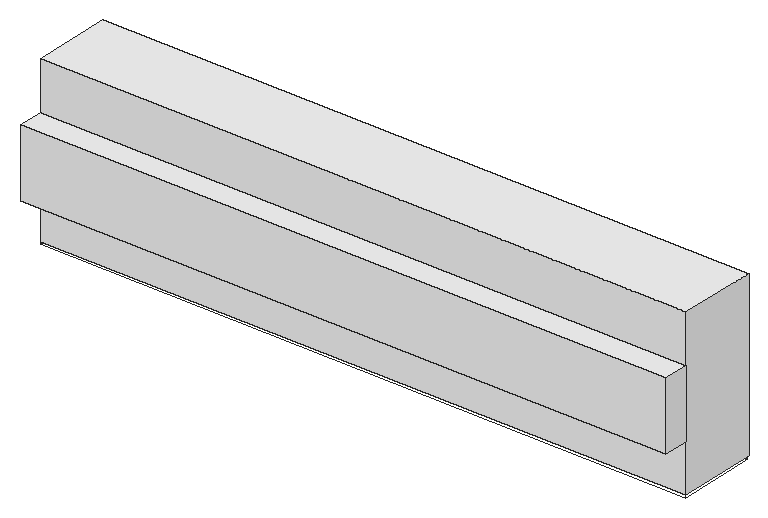
Revit family "CWM", category Lighting Fixtures, host Wall, Revit 2014
Parameters (values of type "CWM-2'")
  Wattage = 36 W
  Warranty = "Five year‐warranty standard. (Terms and Conditions Apply)"  # constant formula
  built-in parameter 1150110 = 1 (stored number, unit not read)
  URL = "https://www.hubbell.com/columbialighting/en"
  Type Comments = "Light Fixture"  # constant formula
  built-in parameter 1114217 = 1 (stored number, unit not read)
  Tilt Angle = 90.00°
  built-in parameter 1150109 = 1 (stored number, unit not read)
  built-in parameter 1150134 = 3
  built-in parameter 1150113 = 1 (stored number, unit not read)
  Staight [instance] = yes
  Product Page URL = "https://www.hubbell.com/columbialighting/en/Products/Lighting-Controls/Commercial-Indoor-Lighting/Wall-Mount/CWM-DirectIndirect/p/2160091"
  Product Name = "CWM"
  Product Doucmentation Link = "https://hubbellcdn.com/specsheet/cwm_di.pdf"
  Photometric Web Link = "https://www.hubbell.com/columbialighting/en/Products/Lighting-Controls/Commercial-Indoor-Lighting/Wall-Mount/CWM-DirectIndirect/p/2160091#prod-resources-section"
  Photometric Web File = "CWM2-50MLxx-DISB-EDU.ies"
  Photometric Note = "For More Photometric Web file please refer above link"
  Model = "Contemporary LED Wall Mount"  # constant formula
  Manufacturer = "ColumbiaLighting"  # constant formula
  built-in parameter 1150105 = -2257398 (stored number, unit not read)
  Lumens = 2574 lm
  built-in parameter 1150115 = 1 (stored number, unit not read)
  Lighting Connector Description = "Lighting Connector"
  built-in parameter 1150137 = (empty or 0)
  built-in parameter 1150139 = (empty or 0)
  Length = 24.00"
  built-in parameter 1150112 = 1 (stored number, unit not read)
  built-in parameter 1150114 = 1 (stored number, unit not read)
  Lamp = "LED"
  built-in parameter 1150132 = (empty or 0)
  built-in parameter 1150102 = (empty or 0)
  built-in parameter 1150107 = 3200 (stored number, unit not read)
  built-in parameter 1150138 = (empty or 0)
  built-in parameter 1150106 = -22574 (stored number, unit not read)
  Housing = Paint - Hubbell - Matte White
  Glass = Glass - Hubbell - White
  Features = "Simplistic modular design with interchangeable lenses and end caps\r\n• The direct/indirect CWM is intended for ambient illumination such as corridors, overbed, and vanity\r\napplications. Available in both semi‐recessed and flush mount configurations\r\n• Direct/Indirect version comes available with multiple fascia styles including a straight, round, and\r\noptional custom 3form inserts\r\n• Four LED color choices and 84 CRI\r\n• Long-life LEDs 60,000 hours at L80 with projected life over 86,000 hours for reduced life cycle\r\nmaintenance costs\r\n• Easy removal of lens allows access to electrical components for modular replaceability\r\n• Luminaire installs in three easy steps without disassembling the fixture\r\n• Slender profile meets ADA requirements for wall mounted product\r\n• Optional SpectraSync™ offers three modes of tunable white solutions and integrates seamlessly\r\ninto a variety of control systems\r\n• NX Distributed Intelligence™ provides options for standalone and networked integrated sensor\r\nwith wired or wireless connectivity for NX system deployments\r\n• CSA listed and suitable for damp locations\r\n• 5 Year Warranty (Terms and Conditions apply"  # constant formula
  Emit from Rectangle Width = 2.00"  # constant formula
  Emit from Rectangle Length = Length - 2.00"  # 22.00"
  Emit Shape Visible in Rendering = no
  built-in parameter 1150104 = 6.6426 (stored number, unit not read)
  Dimming Lamp Color Temperature Shift = <None>
  Description = "CWM is a sleek, contemporary wall mount luminaire that provides unparalleled versatility and reliability, offering best-in-class efficacy with up to 109 Lumens per Watt."
  Curved [instance] = not(Staight)  # no
  Create Date = "05/06/2019"  # constant formula
  Copyright = "© Columbia Lighting, a division of Hubbell Lighting"  # constant formula
  Contact us = "https://www.hubbell.com/columbialighting/en/contactUs?productId=2160091"
  Color Filter = 16777215
  Certifications = "All luminaires are built to UL 1598 and 2108 standards, and bear appropriate CSA labels. Damp location\r\nlabeling is standard. Emergency equipped fixtures labeled UL924. Adheres to LM79, LM80, and TM21\r\nindustry standards. NX is available in U.S., Canada and Mexico. For other locations consult factory."  # constant formula
  built-in parameter 1114218 = 1 (stored number, unit not read)
  built-in parameter 1150133 = 10 (stored number, unit not read)
Types (3): name | Photometric Web File | Length | Emit from Rectangle Length | Contact us
  (no name) | "CWM2-50MLxx-DISB-EDU.ies" | 24.00" | 22.00" | "https://www.hubbell.com/columbialighting/en/contactUs?productId=2160091"
  CWM-2' | "CWM2-50MLxx-DISB-EDU.ies" | 24.00" | 22.00" | "https://www.hubbell.com/columbialighting/en/contactUs?productId=2160091"
  CWM-4' | "CWM4-35LWxx-DIC-EDU.ies" | 48.00" | 46.00" | ""
Reference planes (in)
  plane 1: y = 0
  plane 2 "Center (Left/Right)": x = 0
  plane 3 "Wall Edge": y = 3
  plane 4: x = 12
  plane 5: x = -12
  plane 6: z = 96
  plane 7: z = 102.09
  plane 8: z = 95.87
  plane 9: y = 6.84
  plane 10: y = 3.93375
Forms (in)
  Extrusion 1, solid, material "Paint - Hubbell - Matte White" <- "Housing", visible <- "Staight"
    sketch origin (0, -3, 0) x (1, 0, 0) y (0, 0, -1)
      loop
        line (12, -102.09) -> (12, -96) -> (-12, -96) -> (-12, -102.09) -> (12, -102.09)
    from 6.93375 to 9.84
  Extrusion 2, solid, material "Paint - Hubbell - Matte White" <- "Housing"
    sketch origin (0, 0, 0) x (0, -1, 0) y (0, 0, -1)
      loop
        line (-3.93375, -100.29874) -> (-3, -100.29874) -> (-3, -97.75073) -> (-3.93375, -97.75073) -> (-3.93375, -100.29874)
    from -12 to 12
  Extrusion 3, solid, material "Paint - Hubbell - Matte White" <- "Housing", visible <- "Curved"
    sketch origin (0, 0, 0) x (0, -1, 0) y (0, 0, -1)
      loop
        line (-3.93375, -96) -> (-5.84, -96)
        arc (-5.84, -96) -> (-6.84, -99.045) -> (-5.84, -102.09) r 5.13601
        line (-5.84, -102.09) -> (-3.93375, -102.09) -> (-3.93375, -96)
    from -12 to 12
  Extrusion 4, solid, material "Glass - Hubbell - White" <- "Glass", visible <- "Curved"
    sketch origin (0, 0, 0) x (0, -1, 0) y (0, 0, -1)
      loop
        line (-3.93375, -96) -> (-3.93375, -95.875) -> (-5.80875, -95.875) -> (-5.80875, -96) -> (-3.93375, -96)
    from -12 to 12
  Extrusion 5, solid, material "Glass - Hubbell - White" <- "Glass", visible <- "Staight"
    sketch origin (0, 0, 0) x (0, -1, 0) y (0, 0, -1)
      loop
        line (-3.93375, -96) -> (-3.93375, -95.87) -> (-6.84, -95.87) -> (-6.84, -96) -> (-3.93375, -96)
    from -12 to 12
Text (in)
  text "Placement Side" at (0, 22.0041, 123.01588), in view "Right"
  text "Placement Side" at (-70.3804, 28.46503, 0), in view "Ref. Level"
  text "Placement Side" at (0, 81.56103, 140.59947), in view "Left"
Dimensions and locks (in)
  locked: plane 3 "Wall Edge" to host wall
  "Length": plane 4 to plane 5
  equal spacing: plane 4, plane 2 "Center (Left/Right)", plane 5
  plane 6 to level = 96.00"
  plane 7 to plane 6 = 6.09"
  plane 5 to plane 2 "Center (Left/Right)" to plane 4 = 12.00", 12.00"
  plane 9 to plane 10 to host wall = 2.90625" locked, 0.93375" locked
  aligned and locked: plane 8 to imposter light
  aligned and locked: Extrusion 1 to Extrusion 2
  aligned and locked: Extrusion 2 to Extrusion 1
  aligned and locked: Extrusion 5 to Extrusion 1
  aligned and locked: Extrusion 4 to Extrusion 1
  aligned and locked: Extrusion 5 to plane 9
  aligned and locked: Extrusion 1 to plane 9
  aligned and locked: plane 10 to Extrusion 5
  aligned and locked: plane 10 to Extrusion 4
  aligned and locked: plane 10 to Extrusion 3  (x2)
  aligned and locked: plane 10 to Extrusion 1
  aligned and locked: Extrusion 2 to plane 10
  aligned and locked: plane 4 to Extrusion 1
  aligned and locked: plane 4 to Extrusion 3
  aligned and locked: Extrusion 3 to plane 5
  aligned and locked: Extrusion 1 to plane 5
  aligned and locked: plane 4 to Extrusion 5
  aligned and locked: plane 4 to Extrusion 4
  aligned and locked: Extrusion 5 to plane 5
  aligned and locked: Extrusion 4 to plane 5
Automatic sketch dimensions
  plane 5 to Extrusion 1 sketch curve = 0.00"
  Extrusion 1 sketch curve to plane 4 = 0.00"
  Extrusion 1 sketch curve to plane 7 = 0.00"
  Extrusion 1 sketch curve to plane 6 = 0.00"
  Extrusion 2 sketch curve to host wall = 0.00"
  Extrusion 2 sketch curve to Extrusion 2 sketch curve = 0.93375"
  Extrusion 2 sketch curve to plane 6 = 1.75073"
  plane 7 to Extrusion 2 sketch curve = 1.79126"
  Extrusion 3 sketch curve to plane 6 = 0.00"
  Extrusion 3 sketch curve to plane 7 = 0.00"
  Extrusion 3 sketch curve to host wall = 2.84"  (x2)
  Extrusion 3 sketch curve to host wall = 0.93375"
  host wall to Extrusion 3 sketch curve = 1.29601"
  Extrusion 4 sketch curve to plane 6 = 0.00"
  Extrusion 4 sketch curve to host wall = 2.80875"
  Extrusion 4 sketch curve to plane 8 = 0.005"
  Extrusion 4 sketch curve to host wall = 0.93375"
  Extrusion 5 sketch curve to plane 6 = 0.00"
  Extrusion 5 sketch curve to plane 8 = 0.00"
  Extrusion 5 sketch curve to host wall = 3.84"
  Extrusion 5 sketch curve to host wall = 0.93375"
Connectors (in)
  electrical at (0, 6.84, 99.045)
    settings: on Extrusion 1, index 1, voltage 120 V, apparent load 0 VA, apparent load phase1 33 VA, apparent load phase2 0 VA, apparent load phase3 0 VA, power factor 1, load classification "Other", number of poles 1, system type 30, power factor state 1, is connector primary yes, connector utility no, sub classification motor no, connector description "Lighting Connector"
